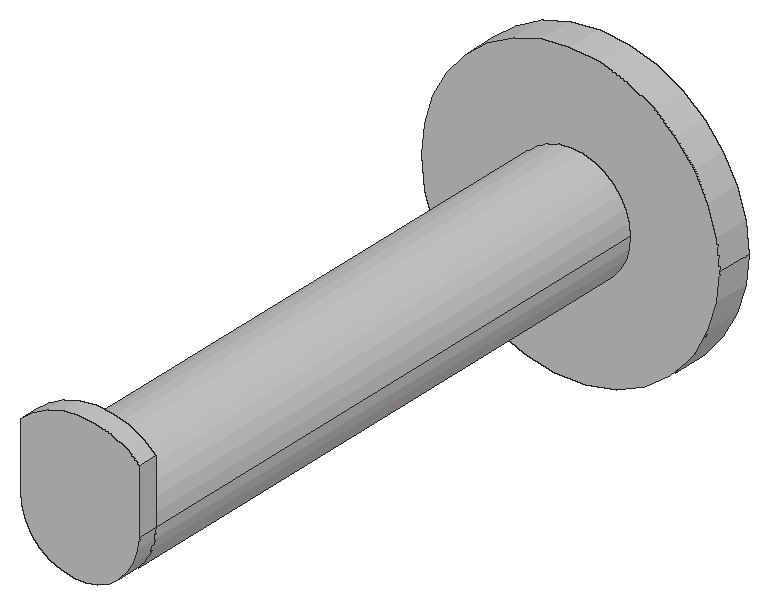
Revit family "KEUCO_14963010000", category Sonderausstattung, Revit 2016
Family settings
  Teiletyp = Normal
  Bemaßung runder Anschluss = Durchmesser verwenden
  Arbeitsebenenbasiert = Nein
  Immer vertikal = Ja
  Beim Laden mit Abzugskörper schneiden = Nein
  Gemeinsam genutzt = Nein
  Raumberechnungspunkt = Nein
Parameters (values of type "14963070000")
  Verwendung = "GWC / WC"  # constant formula
  URL = "https://www.keuco.com/de/produkte/sortiment/artikel/?pid=14963&oid=1&pgo=16&country=de&lang=de&vid=14963070000"
  Serie = "Plan"  # constant formula
  Preisgruppe = "1"  # constant formula
  Material Papierhalter [instance] = Edelstahl
  Materialien bei Hersteller anfragen = "Anfrage zu:  objektmanagement@keuco.de"
  Kategorie = "ACC"  # constant formula
  Hersteller = "KEUCO"  # constant formula
  Gewicht = 382
  Beschreibung = "--"
  Ausschreibungstext = "KEUCO PLAN Toilettenpapier-Ersatzrollenhalter 14963070000\r\nToilettenpapier-Ersatzrollenhalter aus hochwertigem Edelstahl \r\nin ästhetischem, funktionalem Design zur Wandmontage\r\nmit runder Rosettenkappe, Durchmesser 55 mm\r\nleicht zu reinigen\r\nAusladung 120 mm\r\nDer Toilettenpapier-Ersatzrollenhalter wird verdeckt angebracht\r\nLieferung inkl. korrosionsfreiem Befestigungsmaterial"
  Artikelnummer = "14963070000"
Types (4, lengths in mm): name | URL | Material Papierhalter | Materialien bei Hersteller anfragen | Ausschreibungstext | Artikelnummer
  (no name) | "https://www.keuco.com" | Edelstahl | "Request to:  objektmanagement@keuco.de" | "" | "14963070000"
  14963010000 | "https://www.keuco.com/de/produkte/sortiment/artikel/?pid=14963&oid=1&pgo=16&country=de&lang=de&vid=14963010000" | Verchromt | "Request to:  objektmanagement@keuco.de" | "KEUCO PLAN Toilettenpapier-Ersatzrollenhalter 14963010000\r\nHochglanzverchromter Ersatzrollenhalter \r\nin ästhetischem, funktionalem Design\r\nzur Wandmontage, mit runder Rosettenkappe, \r\nDurchmesser 55 mm\r\nleicht zu reinigen\r\nAusladung 120 mm\r\nDer Toilettenpapier-Ersatzrollenhalter wird verdeckt angebracht\r\nLieferung inkl. korrosionsfreiem Befestigungsmaterial" | "14963010000"
  14963070000 | "https://www.keuco.com/de/produkte/sortiment/artikel/?pid=14963&oid=1&pgo=16&country=de&lang=de&vid=14963070000" | Edelstahl | "Anfrage zu:  objektmanagement@keuco.de" | "KEUCO PLAN Toilettenpapier-Ersatzrollenhalter 14963070000\r\nToilettenpapier-Ersatzrollenhalter aus hochwertigem Edelstahl \r\nin ästhetischem, funktionalem Design zur Wandmontage\r\nmit runder Rosettenkappe, Durchmesser 55 mm\r\nleicht zu reinigen\r\nAusladung 120 mm\r\nDer Toilettenpapier-Ersatzrollenhalter wird verdeckt angebracht\r\nLieferung inkl. korrosionsfreiem Befestigungsmaterial" | "14963070000"
  14963170000 | "https://www.keuco.com/de/produkte/sortiment/artikel/?pid=14963&oid=1&pgo=16&country=de&lang=de&vid=14963170000" | Aluminium silber-eloxiert (E6 EV1) | "Request to:  objektmanagement@keuco.de" | "KEUCO PLAN Toilettenpapier-Ersatzrollenhalter 14963170000\r\nToilettenpapier-Ersatzrollenhalter \r\naus silber-eloxiertem Aluminium (E6 EV1)/verchromt\r\nin ästhetischem, funktionalem Design, zur Wandmontage\r\nmit runder Rosettenkappe, Durchmesser 55 mm\r\nhochglanzverchromtes Abschlussstück\r\nleicht zu reinigen, Ausladung 120 mm\r\nDer Toilettenpapier-Ersatzrollenhalter wird verdeckt angebracht\r\nLieferung inkl. korrosionsfreiem Befestigungsmaterial" | "14963170000"
Reference planes
  plane 1 "Center (Front/Back)": y = 0
  plane 2: z = 0
  plane 3 "Center (Left/Right)": x = 0
  plane 4: y = -120
Forms (mm)
  Extrusion 1, solid, material "Edelstahl" <- "Material Papierhalter"
    sketch origin (0, 0, 0) x (1, 0, 0) y (0, 0, 1)
      loop
        circle (0, -27.5) r 27.5
    from 0 to 6.655
  Extrusion 2, solid, material "Edelstahl" <- "Material Papierhalter"
    sketch origin (0, 0, 0) x (1, 0, 0) y (0, 0, 1)
      loop
        circle (0, -27.5) r 11
    from 6.655 to 116.205
  Extrusion 3, solid, material "Edelstahl" <- "Material Papierhalter"
    sketch origin (0, 0, 0) x (1, 0, 0) y (0, 0, 1)
      loop
        arc (-11, -27.5) -> (0, -38.5) -> (11, -27.5) r 11
        line (11, -27.5) -> (11, -15.584)
        arc (11, -15.584) -> (0, -11.124) -> (-11, -15.584) r 15.795
        line (-11, -15.584) -> (-11, -27.5)
    from 116.205 to 120
Lines and regions (mm)
  symbolic lines, style "SpecialityEquipment"
    curve 1: line (-27.5, 0, 0) -> (27.5, 0, 0)
    curve 2: line (-27.5, -6.655, 0) -> (-27.5, 0, 0)
    curve 3: line (27.5, -6.655, 0) -> (-27.5, -6.655, 0)
    curve 4: line (27.5, 0, 0) -> (27.5, -6.655, 0)
    curve 5: line (-11, -120, 0) -> (10.836, -120, 0)
    curve 6: line (-11, -6.655, 0) -> (-11, -120, 0)
    curve 7: line (10.836, -120, 0) -> (10.836, -6.655, 0)
Dimensions and locks
  plane 1 "Center (Front/Back)" to plane 4 = 120 mm
  aligned and locked: level to plane 2
